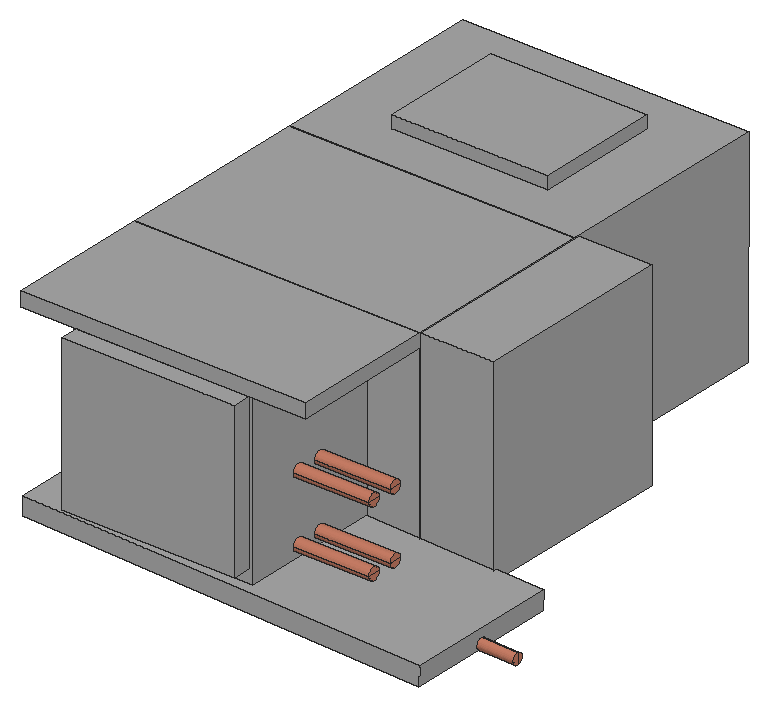
Revit family (continued)
Automatic sketch dimensions
  plane 38 "Return Connection Width Right" to curve 45 = 0' - 0 25/32"
  curve 41 to plane 5 "Right" = 0' - 0 13/32"
  curve 45 to plane 5 "Right" = 0' - 0 13/32"
  curve 46 to plane 5 "Right" = 0' - 0 13/32"
  curve 42 to plane 5 "Right" = 0' - 0 13/32"
  curve 43 to plane 12 "Duct Connector Front" = 0' - 2.88427"
  curve 44 to plane 12 "Duct Connector Front" = 0' - 2.88427"
  plane 1 "Center (Front/Back)" to curve 40 = 0' - 1.47806"
  plane 1 "Center (Front/Back)" to curve 39 = 0' - 1.47806"
  curve 44 to plane 1 "Center (Front/Back)" = 0' - 3.86573"
  plane 15 "Back" to curve 39 = 0' - 1.14694"
  plane 15 "Back" to curve 40 = 0' - 1.14694"
  plane 15 "Back" to curve 43 = 0' - 6.61573"
  curve 68 to Extrusion 7 = 0' - 0"
  curve 69 to Extrusion 7 = 0' - 0"
  plane 15 "Back" to Masking region 21 sketch curve = 0' - 0"
  Masking region 21 sketch curve to plane 32 "Filter Depth" = 0' - 0"
  plane 11 "Duct Height Bottom" to Masking region 21 sketch curve = 0' - 0 1/8"
  Masking region 21 sketch curve to plane 33 "Return Connector Height Top" = 0' - 0"
  curve 84 to Extrusion 10 = 0' - 0"
  curve 86 to Extrusion 10 = 0' - 0"
  curve 87 to Extrusion 10 = 0' - 0"
  curve 88 to Extrusion 10 = 0' - 0"
  curve 89 to Extrusion 10 = 0' - 0"
  curve 90 to Extrusion 10 = 0' - 0"
  curve 91 to Extrusion 10 = 0' - 0"  (x2)
Nested families (in)
  nested 1: "Drain_Pan-JCI-2_Pipes" at (0, -13.2671, 2.875), type "Drain_Pan-JCI-2_Pipes"
  nested 2: "Model Name" at (0, 0, 0), type "Model Name", detail levels coarse
Connectors (in)
  hvac at (0, -13.125, 12.25), driven by "Supply Air Connection Height", driven by "Supply Air Connection Width", driven by "Actual Supply Air Flow", driven by "Pressure Drop", driven by "Duct Connector Description"
    settings: on Extrusion 3, index 4
  electrical at (17.5625, 8, 11.625), driven by "Voltage", driven by "Apparent Load", driven by "Power Factor", driven by "Number of Poles", driven by "Electrical Connector Description"
    settings: on Blend 4, index 5
  piping at (13.4375, -4.875, 11.25), driven by "CTRL Pipe Return Radius", driven by "Actual Heating Water Flow", driven by "Cooling Coil Water Pressure Drop", driven by "Water Return Connection Description"
    settings: on Revolve 5, index 6
  piping at (13.4375, -7.04688, 11.25), driven by "CTRL Pipe Supply Radius", driven by "Actual Chilled Water Flow", driven by "Chilled Water Return Connection Description"
    settings: on Revolve 6, index 7
  piping at (24.45094, -6.25, 3.20753), driven by "Condensate Connection Radius", driven by "Primary Condensate Drain Connection Description"
    settings: on nested 1, index 8
  piping at (24.44658, -6.25, 3.08261), driven by "Condensate Connection Radius 2", driven by "Secondary Condensate Drain Connection Description"
    settings: on nested 1, index 9
  hvac at (0, 24.5, 20.625), driven by "Return Air Flow Bottom_Top", driven by "Return Air Connection Height", driven by "Return Air Connection Width", driven by "Duct Connector Description 3"
    settings: on Extrusion 9, index 10
  hvac at (0, 34.25, 11.125), driven by "Return Air Connection Width", driven by "Return Air Connection Height", driven by "Return Air Flow Rear", driven by "Duct Connector Description 2"
    settings: on Extrusion 11, index 11
  piping at (13.4375, -7.04688, 5.875), driven by "Actual Chilled Water Flow", driven by "CTRL Pipe Supply Radius", driven by "Chilled Water Supply Connection Description"
    settings: on Revolve 12, index 12
  piping at (13.4375, -4.875, 5.875), driven by "Actual Heating Water Flow", driven by "Heating Coil Water Pressure Drop", driven by "CTRL Pipe Return Radius", driven by "Water Supply Connection Description"
    settings: on Revolve 13, index 13
Definition of nested family "Drain_Pan-JCI-2_Pipes"
  Parameters (values of type "Drain_Pan-JCI-2_Pipes")
    Width = 1' - 11 1/8"
    CTRL Secondary Drain Connection Offset = if(Condensate Pipe Secondary, 0' 2 1/8", 0' 0")  # 0' - 0"
    Material = Metal - JCI - Steel - Galvanized
    Drain Pipes = Metal - JCI - Copper - Type-L - Polished
    Drain Pipe Radius 2 = 0' - 0 5/16"
    Drain Pipe Radius 1 = 0' - 0 7/16"
    Drain Pan Height = 0' - 1 1/2"
    Drain Pan Angle = 2.00°
    Depth = 1' - 0 5/8"
    Condensate Pipe Secondary = no
    CTRL Condensate Pipe 2 Length = 0' - 9"  # constant formula
    Auxiliary Drain Pan = no
    Assembly Code = ""
  Reference planes (in)
    plane 1 "Front": y = 0.7671
    plane 2 "Bottom": z = 0
    plane 3 "Center (Left/Right)": x = 0
    plane 4 "Back": y = 13.3921
    plane 5 "Left": x = -11.5625
    plane 6 "Width Right": x = 11.5625
    plane 7 "Drain Pan Left": x = -10.6875
    plane 8 "Drain Pan Right": x = 21.4375
    plane 9 "Drain Pipe 1": y = 7.0171
    plane 10 "Drain Pipe 2": y = 7.0171
    plane 11 "Center (Front/Back)": y = 7.0796
    plane 12: y = 7.4546
    plane 13: y = 6.5796
    plane 14: y = 6.7046
    plane 15: y = 7.3296
    plane 16 "Top": z = 4
  Forms (in)
    Extrusion 1, solid, material "Metal - JCI - Steel - Galvanized" <- "Material", detail levels medium+fine
      sketch origin (0, 0.7671, 0) x (1, 0, 0) y (0, 0, 1)
        loop
          line (-10.63515, 2.62092) -> (-10.6875, 1.12183) -> (21.4375, 0) -> (21.48985, 1.49909) -> (-10.63515, 2.62092)
      from -12.625 to 0
    Revolve 2, solid, material "Metal - JCI - Copper - Type-L - Polished" <- "Drain Pipes", detail levels fine
      sketch origin (0, 7.0171, 0) x (-1, 0, 0) y (0, 0, 1)
        loop
          line (-21.45277, 0.43723) -> (-24.45094, 0.33253) -> (-24.43567, -0.1047) -> (-21.4375, 0) -> (-21.45277, 0.43723)
        axis (-21.45277, 0.43723) -> (-24.45094, 0.33253)
      angle from 0 to 360
    Revolve 3, solid, material "Metal - JCI - Copper - Type-L - Polished" <- "Drain Pipes", visible <- "Condensate Pipe Secondary", detail levels fine
      sketch origin (0, 7.0171, 0) x (-1, 0, 0) y (0, 0, 1)
        loop
          line (-15.45206, 0.52171) -> (-24.44658, 0.20761) -> (-24.43567, -0.1047) -> (-15.44116, 0.2094) -> (-15.45206, 0.52171)
        axis (-15.45206, 0.52171) -> (-24.44658, 0.20761)
      angle from 0 to 360
    Extrusion 4, solid, material "Metal - JCI - Steel - Galvanized" <- "Material", visible <- "Auxiliary Drain Pan", detail levels medium+fine
      sketch origin (0, 0.7671, 0) x (1, 0, 0) y (0, 0, 1)
        loop
          line (19.24598, 1.57744) -> (21.4375, 1.50091) -> (32.8125, 5.19688) -> (32.8125, 5.98547) -> (19.24598, 1.57744)
      from -12.625 to 0
  Lines and regions (in)
    Masking region 1
      outline origin (0, 0.7671, 0) x (1, 0, 0) y (0, 0, 1)
        loop
          line (-10.63515, 2.62092) -> (-10.6875, 1.12183) -> (21.4375, 0) -> (21.48985, 1.49909) -> (-10.63515, 2.62092)
    Masking region 2, detail levels fine
      outline origin (0, 0.7671, 0) x (1, 0, 0) y (0, 0, 1)
        loop
          line (21.46804, 0.87447) -> (21.4375, 0) -> (24.43567, -0.1047) -> (24.46621, 0.76977) -> (21.46804, 0.87447)
    Masking region 3, detail levels medium+fine
      outline origin (21.4375, 0, 0) x (0, -1, 0) y (0, 0, 1)
        loop
          line (-13.3921, 0) -> (-0.7671, 0) -> (-0.7671, 1.49909) -> (-13.3921, 1.49909) -> (-13.3921, 0)
    Masking region 4, detail levels medium+fine
      outline origin (-10.6875, 0, 0) x (0, -1, 0) y (0, 0, 1)
        loop
          line (-0.7671, 2.62092) -> (-13.3921, 2.62092) -> (-13.3921, 1.12183) -> (-0.7671, 1.12183) -> (-0.7671, 2.62092)
    Masking region 5
      outline origin (0, 0, 0) x (0, 1, 0) y (0, 0, 1)
        loop
          line (13.3921, 0) -> (13.3921, 2.62092) -> (0.7671, 2.62092) -> (0.7671, 0) -> (13.3921, 0)
    Masking region 6
      outline origin (0, 0, 0) x (1, 0, 0) y (0, 1, 0)
        loop
          line (21.48985, 0.7671) -> (21.48985, 13.3921) -> (-10.6875, 13.3921) -> (-10.6875, 0.7671) -> (21.48985, 0.7671)
    Masking region 7
      outline origin (0, 0, 0) x (1, 0, 0) y (0, 1, 0)
        loop
          line (21.4375, 0.7671) -> (21.4375, 13.3921) -> (-10.63515, 13.3921) -> (-10.63515, 0.7671) -> (21.4375, 0.7671)
    Masking region 8, detail levels fine
      outline origin (0, 0, 0) x (1, 0, 0) y (0, 1, 0)
        loop
          line (24.46621, 6.5796) -> (24.46621, 7.4546) -> (21.48985, 7.4546) -> (21.48985, 6.5796) -> (24.46621, 6.5796)
    Masking region 9, visible <- "Condensate Pipe Secondary", detail levels fine
      outline origin (0, 0, 0) x (1, 0, 0) y (0, 1, 0)
        loop
          line (24.46621, 6.7046) -> (24.46621, 7.3296) -> (21.48985, 7.3296) -> (21.48985, 6.7046) -> (24.46621, 6.7046)
    Masking region 10, visible <- "Auxiliary Drain Pan", detail levels medium+fine
      outline origin (0, 0.7671, 0) x (1, 0, 0) y (0, 0, 1)
        loop
          line (32.8125, 5.98547) -> (19.24598, 1.57744) -> (21.4375, 1.50091) -> (32.8125, 5.19688) -> (32.8125, 5.98547)
    Masking region 11, visible <- "Auxiliary Drain Pan", detail levels medium+fine
      outline origin (32.8125, 0.7671, 5.19688) x (0, 0, 1) y (0, -1, 0)
        loop
          line (0.7886, 0) -> (0, 0) -> (0, -12.625) -> (0.7886, -12.625) -> (0.7886, 0)
    Masking region 12, visible <- "Auxiliary Drain Pan", detail levels medium+fine
      outline origin (32.8125, 0.7671, 5.19688) x (0, 0, 1) y (0, -1, 0)
        loop
          line (-3.69779, 0) -> (-3.69779, -12.625) -> (0.7886, -12.625) -> (0.7886, 0) -> (-3.69779, 0)
    Masking region 13, visible <- "Auxiliary Drain Pan", detail levels medium+fine
      outline origin (0, 0, 4) x (-1, 0, 0) y (0, -1, 0)
        loop
          line (-32.8125, -13.3921) -> (-19.24598, -13.3921) -> (-19.24598, -0.7671) -> (-32.8125, -0.7671) -> (-32.8125, -13.3921)
    reference lines
      curve 1: line (21.4375, 0.7671, 0) -> (-10.6875, 0.7671, 1.12183)
      curve 2: line (-10.6875, 0.7671, 1.12183) -> (-10.63515, 0.7671, 2.62092)
      curve 3: line (-10.63515, 0.7671, 2.62092) -> (21.48985, 0.7671, 1.49909)
      curve 4: line (21.48985, 0.7671, 1.49909) -> (21.4375, 0.7671, 0)
      curve 5: line (24.46621, 0.7671, 0.76977) -> (24.45094, 0.7671, 0.33253)
      curve 6: line (21.45277, 0.7671, 0.43723) -> (24.45094, 0.7671, 0.33253)
      curve 22: line (21.44841, 0.7671, 0.31231) -> (24.44658, 0.7671, 0.20761)
      curve 23: line (24.44658, 0.7671, 0.20761) -> (24.43567, 0.7671, -0.1047)
    model lines, style "Fan Coil Drain Pipes", detail levels coarse+medium
      curve 7: line (21.45277, 7.0171, 0.43723) -> (24.45094, 7.0171, 0.33253)
    model lines, style "Fan Coil Drain Pipes", visible <- "Condensate Pipe Secondary", detail levels coarse+medium
      curve 8: line (21.44841, 7.0171, 0.31231) -> (24.44658, 7.0171, 0.20761)
    symbolic lines, style "Fan Coil Drain Pipes", detail levels coarse+medium
      curve 9: line (21.45277, 0.7671, 0.43723) -> (24.45094, 0.7671, 0.33253)
    model lines, style "Fan Coil Drain Pan", detail levels coarse
      curve 10: line (-10.63515, 13.3921, 2.62092) -> (21.48985, 13.3921, 1.49909)
      curve 11: line (21.48985, 13.3921, 1.49909) -> (21.4375, 13.3921, 0)
      curve 12: line (21.4375, 13.3921, 0) -> (-10.6875, 13.3921, 1.12183)
      curve 13: line (-10.6875, 13.3921, 1.12183) -> (-10.63515, 13.3921, 2.62092)
      curve 14: line (-10.63515, 0.7671, 2.62092) -> (21.48985, 0.7671, 1.49909)
      curve 15: line (21.48985, 0.7671, 1.49909) -> (21.4375, 0.7671, 0)
      curve 16: line (21.4375, 0.7671, 0) -> (-10.6875, 0.7671, 1.12183)
      curve 17: line (-10.6875, 0.7671, 1.12183) -> (-10.63515, 0.7671, 2.62092)
      curve 18: line (21.4375, 13.3921, 0) -> (21.4375, 0.7671, 0)
      curve 19: line (21.48985, 13.3921, 1.49909) -> (21.48985, 0.7671, 1.49909)
      curve 20: line (-10.63515, 0.7671, 2.62092) -> (-10.63515, 13.3921, 2.62092)
      curve 21: line (-10.6875, 13.3921, 1.12183) -> (-10.6875, 0.7671, 1.12183)
    symbolic lines, style "Fan Coil Pipes", visible <- "Condensate Pipe Secondary", detail levels coarse+medium
      curve 24: line (24.46621, 7.0171, 0) -> (21.48985, 7.0171, 0)
    symbolic lines, style "Fan Coil Pipes", detail levels coarse+medium
      curve 25: line (24.46621, 7.0171, 0) -> (21.48985, 7.0171, 0)
    model lines, style "Fan Coil Drain Pan", visible <- "Auxiliary Drain Pan", detail levels coarse
      curve 26: line (32.8125, 13.3921, 5.98547) -> (19.24598, 13.3921, 1.57744)
      curve 27: line (19.24598, 13.3921, 1.57744) -> (19.24598, 0.7671, 1.57744)
      curve 28: line (19.24598, 0.7671, 1.57744) -> (32.8125, 0.7671, 5.98547)
      curve 29: line (32.8125, 0.7671, 5.98547) -> (32.8125, 13.3921, 5.98547)
      curve 30: line (32.8125, 13.3921, 5.19688) -> (21.4375, 13.3921, 1.50091)
      curve 31: line (21.4375, 13.3921, 1.50091) -> (21.4375, 0.7671, 1.50091)
      curve 32: line (21.4375, 0.7671, 1.50091) -> (32.8125, 0.7671, 5.19688)
      curve 33: line (32.8125, 0.7671, 5.19688) -> (32.8125, 13.3921, 5.19688)
      curve 34: line (32.8125, 0.7671, 5.98547) -> (32.8125, 0.7671, 5.19688)
      curve 35: line (32.8125, 13.3921, 5.19688) -> (32.8125, 13.3921, 5.98547)
  Dimensions and locks (in)
    "Depth": plane 4 "Back" to plane 1 "Front"
    equal spacing: plane 5 "Left", plane 3 "Center (Left/Right)", plane 6 "Width Right"
    "Width": plane 5 "Left" to plane 6 "Width Right"
    locked: plane 6 "Width Right" to plane 8 "Drain Pan Right" at 9.875
    locked: plane 5 "Left" to plane 7 "Drain Pan Left" at 0.875
    "Drain Pan Height": curve 3 to curve 1
    locked: curve 4 to curve 5 at 3
    "Drain Pipe Radius 1": curve 6 to curve 1
    "Drain Pipe Radius 1": curve 6 to curve 5
    equal spacing: plane 4 "Back", plane 11 "Center (Front/Back)", plane 1 "Front"
    equal spacing: plane 12, plane 9 "Drain Pipe 1", plane 13
    locked: plane 9 "Drain Pipe 1" to plane 1 "Front" at 6.25
    "Drain Pipe Radius 1": plane 9 "Drain Pipe 1" to plane 13
    "Drain Pipe Radius 2": curve 22 to curve 1
    locked: curve 4 to curve 23 at 3
    equal spacing: plane 15, plane 10 "Drain Pipe 2", plane 14
    "Drain Pipe Radius 2": plane 10 "Drain Pipe 2" to plane 14
    locked: Extrusion 1 to Revolve 3 sketch curve at 6
    "CTRL Condensate Pipe 2 Length": Revolve 3 sketch curve to Revolve 3 sketch curve
    locked: Extrusion 4 sketch curve to Extrusion 4 sketch curve at 0.75
    locked: plane 8 "Drain Pan Right" to Extrusion 4 sketch curve at 11.375
    locked: plane 16 "Top" to plane 2 "Bottom" at 4
    "CTRL Secondary Drain Connection Offset": plane 9 "Drain Pipe 1" to plane 10 "Drain Pipe 2"
    "Drain Pan Angle": angle curve 1 to plane 2 "Bottom"
    locked: curve 2 to curve 3 (angle 90.00°)
    locked: curve 4 to curve 1 (angle 90.00°)
    locked: Extrusion 4 sketch curve to Extrusion 4 sketch curve (angle 20.00°)
    locked: curve 3 to Extrusion 4 sketch curve (angle 20.00°)
    aligned and locked: level to plane 2 "Bottom"
    aligned and locked: plane 2 "Bottom" to curve 1
    aligned and locked: plane 8 "Drain Pan Right" to curve 1
    aligned and locked: plane 7 "Drain Pan Left" to curve 1
    aligned and locked: Extrusion 1 sketch curve to curve 3
    aligned and locked: Extrusion 1 sketch curve to curve 4
    aligned and locked: Extrusion 1 sketch curve to curve 1
    aligned and locked: Extrusion 1 sketch curve to curve 2
    aligned and locked: plane 4 "Back" to Extrusion 1
    aligned and locked: plane 1 "Front" to Extrusion 1
    aligned and locked: Revolve 2 sketch curve to curve 6
    aligned and locked: curve 5 to Revolve 2 sketch curve
    aligned and locked: curve 4 to Revolve 2 sketch curve  (x2)
    aligned and locked: Revolve 2 sketch curve to curve 1
    aligned and locked: Revolve 2 sketch curve to curve 5
    aligned and locked: Revolve 2 sketch curve to Revolve 2 sketch curve
    aligned and locked: curve 4 to Revolve 3 sketch curve
    aligned and locked: curve 5 to Revolve 3 sketch curve
    aligned and locked: Revolve 3 sketch curve to Revolve 3 sketch curve
    aligned and locked: Revolve 3 sketch curve to curve 1
    aligned and locked: curve 7 to curve 6
    aligned and locked: curve 4 to curve 8
    aligned and locked: curve 4 to curve 7
    aligned and locked: curve 5 to curve 8
    aligned and locked: curve 5 to curve 7
    aligned and locked: Masking region 1 sketch curve to curve 3
    aligned and locked: Masking region 1 sketch curve to curve 4
    aligned and locked: Masking region 1 sketch curve to curve 1
    aligned and locked: Masking region 1 sketch curve to curve 2
    aligned and locked: curve 4 to Masking region 2 sketch curve
    aligned and locked: Masking region 2 sketch curve to curve 1
    aligned and locked: Masking region 2 sketch curve to curve 5  (x2)
    aligned and locked: curve 9 to curve 6
    aligned and locked: curve 4 to curve 9
    aligned and locked: curve 5 to curve 9
    aligned and locked: Masking region 3 sketch curve to Extrusion 1  (x3)
    aligned and locked: Extrusion 1 to Masking region 3 sketch curve
    aligned and locked: Masking region 4 sketch curve to Extrusion 1  (x4)
    aligned and locked: Masking region 4 to Masking region 5 sketch curve
    aligned and locked: Masking region 3 to Masking region 5 sketch curve
    aligned and locked: Masking region 5 sketch curve to Extrusion 1
    aligned and locked: Masking region 5 sketch curve to plane 4 "Back"
    aligned and locked: Masking region 6 sketch curve to Extrusion 1  (x2)
    aligned and locked: Masking region 6 sketch curve to plane 7 "Drain Pan Left"
    aligned and locked: Masking region 6 sketch curve to plane 1 "Front"
    aligned and locked: Masking region 7 sketch curve to Extrusion 1
    aligned and locked: plane 8 "Drain Pan Right" to Masking region 7 sketch curve
    aligned and locked: Masking region 7 sketch curve to plane 4 "Back"
    aligned and locked: Masking region 7 sketch curve to plane 1 "Front"
    aligned and locked: curve 14 to curve 3
    aligned and locked: curve 15 to curve 4
    aligned and locked: curve 16 to curve 1
    aligned and locked: curve 17 to curve 2
    aligned and locked: curve 2 to curve 13
    aligned and locked: curve 12 to curve 1
    aligned and locked: curve 10 to curve 3
    aligned and locked: curve 11 to curve 4
    aligned and locked: curve 18 to Extrusion 1
    aligned and locked: curve 19 to Extrusion 1
    aligned and locked: curve 20 to Extrusion 1
    aligned and locked: curve 21 to Extrusion 1
    aligned and locked: curve 23 to curve 1
    aligned and locked: Revolve 3 sketch curve to curve 22
    aligned and locked: Masking region 8 sketch curve to plane 12
    aligned and locked: plane 13 to Masking region 8 sketch curve
    aligned and locked: Masking region 8 sketch curve to curve 19
    aligned and locked: Masking region 8 sketch curve to curve 5
    aligned and locked: Masking region 9 sketch curve to curve 19
    aligned and locked: Masking region 9 sketch curve to plane 15
    aligned and locked: plane 14 to Masking region 9 sketch curve
    aligned and locked: Masking region 9 sketch curve to curve 5
    aligned and locked: plane 9 "Drain Pipe 1" to curve 25
    aligned and locked: plane 10 "Drain Pipe 2" to curve 24
    aligned and locked: curve 19 to curve 25
    aligned and locked: Masking region 8 to curve 25
    aligned and locked: Masking region 9 to curve 24
    aligned and locked: curve 19 to curve 24
    aligned and locked: curve 8 to curve 22
    aligned and locked: curve 3 to Extrusion 4 sketch curve
    aligned and locked: plane 8 "Drain Pan Right" to Extrusion 4 sketch curve
    aligned and locked: plane 4 "Back" to Extrusion 4
    aligned and locked: plane 1 "Front" to Extrusion 4
    aligned and locked: Extrusion 4 to curve 26
    aligned and locked: curve 27 to Extrusion 4
    aligned and locked: curve 28 to Extrusion 4
    aligned and locked: curve 29 to Extrusion 4
    aligned and locked: Extrusion 4 to curve 34
    aligned and locked: Extrusion 4 to curve 35
    aligned and locked: Masking region 10 sketch curve to Extrusion 4  (x4)
    aligned and locked: Extrusion 4 to Masking region 11 sketch curve  (x2)
    aligned and locked: Masking region 11 sketch curve to Extrusion 4  (x2)
    aligned and locked: Extrusion 4 to Masking region 12 sketch curve
    aligned and locked: Masking region 12 sketch curve to Masking region 11
    aligned and locked: Masking region 12 sketch curve to Extrusion 4
    aligned and locked: curve 27 to Masking region 13 sketch curve
    aligned and locked: Masking region 13 sketch curve to curve 28
    aligned and locked: Masking region 13 sketch curve to curve 29
    aligned and locked: Masking region 13 sketch curve to Extrusion 4
  Automatic sketch dimensions
    Masking region 7 sketch curve to plane 4 "Back" = 0' - 0"
    curve 19 to Extrusion 1 = 0' - 0"  (x2)
    curve 20 to Extrusion 1 = 0' - 0"  (x2)
    curve 21 to Extrusion 1 = 0' - 0"  (x2)
    curve 18 to plane 1 "Front" = 0' - 0"
    curve 18 to plane 4 "Back" = 0' - 0"
    curve 34 to Extrusion 4 = 0' - 0"  (x2)
    curve 35 to Extrusion 4 = 0' - 0"  (x2)
    curve 30 to Extrusion 4 = 0' - 0"  (x2)
    curve 32 to Extrusion 4 = 0' - 0"  (x2)
    Masking region 12 sketch curve to Extrusion 4 = 0' - 3.69779"
Definition of nested family "Model Name"
  Parameters (values of type "Model Name")
    Width = 0' - 0 47/64"
    Model Name = "FCU-FSC"
  Reference planes (in)
    plane 1: y = 0
    plane 2: x = 0
  Text (in)
    label "XX" at (-0.00532, -0.00012, 0), shows "Model Name"
